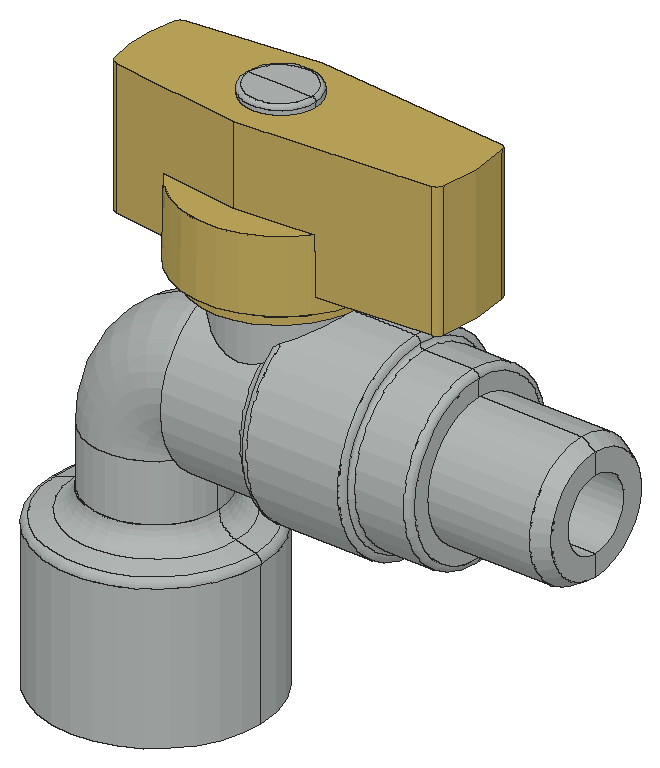
Revit family "QP20310000", category Apparecchi idraulici, Revit 2020
Family settings
  Quota connettore circolare = Usa diametro
  Tipo di parte = Normale
  Numero OmniClass = 23.45.00.00
  Titolo OmniClass = Sanitary, Laundry, and Cleaning Equipment
  Basato su piano di lavoro = No
  Sempre verticale = Sì
  Taglio con vuoti quando caricato = No
  Condiviso = No
  Punto di calcolo locali = No
Parameters
  URL = "https://web.cimberio.com/index.php/figura/121?subcategoria_id="
  Temperatura di esercizio = "-20 ÷ 60°C"
  Prospetto di default = 0 mm
  Produttore = "CIMBERIO SPA"
  Pressione nominale = "MOP 5"
  Modello = "Cim 153"
  Materiale = "Prodotto in lega di ottone conforme alla norma EN 12165-CW617N-DW"
  Descrizione = "Utilizzato nell’impiantistica distributiva di gas a bassa pressione per le categorie:\r\nGas naturali: gas derivati dal petrolio (Metano) e gas di ricambio.\r\nGas di città: prodotti secondo i diversi procedimenti (Cracking - Cokerie - ecc.).\r\nGas liquidi: propano e miscele di gas propano/butano"
  DN Model [instance] = QP20312102 : QP20312102
  DN [instance] = 9 mm
  Commenti sul tipo = "Realizzato in ottemperanza ai requisiti gestionali della norma EN ISO 9001.\r\nCollaudato al 100% secondo la normativa EN 12266-1"
Reference planes
  plane 1 "Centro (Fronte/Retro)": y = 0
  plane 2: z = 0
  plane 3 "Centro (Sinistra/Destra)": x = 0
Dimensions and locks
  aligned and locked: level to plane 2
Nested families
  nested 1: "QP20312102" at (0, 0, 0), type <- "DN Model", type "QP20312102"
  nested 2: "QP20312102" at (0, 0, 0), type <- "DN Model", type "QP20312102"
  nested 3: "QP20312102" at (0, 0, 0), type <- "DN Model", type "QP20312102"
  nested 4: "QP20312102" at (0, 0, 0), type <- "DN Model", type "QP20312102"
  nested 5: "QP20312102" at (0, 0, 0), type <- "DN Model", type "QP20312102"
  nested 6: "QP20312102" at (0, 0, 0), type <- "DN Model", type "QP20312102"
  nested 7: "QP20312102" at (0, 0, 0), type <- "DN Model", type "QP20312102"
  nested 8: "QP20312102" at (0, 0, 0), type <- "DN Model", type "QP20312102"
  nested 9: "QP20312102" at (0, 0, 0), type <- "DN Model", type "QP20312102"
  nested 10: "QP20312102" at (0, 0, 0), type <- "DN Model", type "QP20312102"
  nested 11: "QP20312102" at (0, 0, 0), type <- "DN Model", type "QP20312102"
Connectors
  piping at (40.291, 0, 0), diameter 9, driven by "DN"
    settings: on nested 1, index 1, connector inside diameter 609.6 mm, connector length 0 mm, flow factor 0, pipe flow 0.0 L/s, pressure drop 0.0 Pa, fitting loss kfactor 0, connector angle 0.00°, fixture units 0, engagement length 0 mm, angle of deflection 0.00°, flow configuration 0, flow direction 0, fitting loss method 0, system type 7, joint type 0, gender type 0, connector reference index -1, connector utility 0, adjustable connector no, is connector primary yes, connector description ""
  piping at (-16, 0, -38.997), diameter 9, driven by "DN"
    settings: on nested 1, index 2, connector inside diameter 609.6 mm, connector length 0 mm, flow factor 0, pipe flow 0.0 L/s, pressure drop 0.0 Pa, fitting loss kfactor 0, connector angle 0.00°, fixture units 0, engagement length 0 mm, angle of deflection 0.00°, flow configuration 0, flow direction 0, fitting loss method 0, system type 7, joint type 0, gender type 0, connector reference index -1, connector utility 0, adjustable connector no, is connector primary no, connector description ""
Definition of nested family "QP20312102"
  Parameters (values of type "QP20312102")
    URL = ""
    Default Elevation = 0 mm
    Manufacturer = ""
    Model = ""
    Description = ""
    Type Comments = ""
  Reference planes
    plane 1 "Centro (Fronte/Retro)": y = 0
    plane 2: z = 0
    plane 3 "Centro (Sinistra/Destra)": x = 0
  Forms (mm)
    Revolve 1, solid
      sketch origin (0.744, 0, 1.406) x (1, 0, 0) y (0, 0, 1)
        loop
          line (11.146, 13.716) -> (10.988, 22.789) -> (-0.448, 22.789) -> (-0.448, 11.85) -> (9.552, 11.85) -> (9.552, 12.795) -> (11.146, 13.716)
        axis (-0.754, 11.85) -> (-0.754, 22.789)
      angle from 0 to 360
    Revolve 2, solid
      sketch origin (0.751, 0, 1.446) x (1, 0, 0) y (0, 0, 1)
        loop
          arc (3.746, 33.15) -> (3.6, 33.504) -> (3.246, 33.65) r 0.5
          line (3.246, 33.65) -> (-0.754, 33.65) -> (-0.754, 31.443) -> (3.746, 31.443) -> (3.746, 33.15)
        axis (-0.754, 33.65) -> (-0.754, 31.443)
      angle from 0 to 360
    Extrusion 3, solid
      sketch origin (1.758, 0, 1.45) x (1, 0, 0) y (0, 1, 0)
        loop
          arc (-19.114, 4.772) -> (-19.758, -0.042) -> (-19.091, -4.852) r 18
          arc (-19.091, -4.852) -> (-18.778, -5.343) -> (-18.244, -5.576) r 1
          line (-18.244, -5.576) -> (-1.755, -7.5) -> (21.908, -5.5)
          arc (21.908, -5.5) -> (22.493, -5.247) -> (22.806, -4.691) r 1
          arc (22.806, -4.691) -> (23.25, 0) -> (22.806, 4.691) r 25
          arc (22.806, 4.691) -> (22.489, 5.25) -> (21.897, 5.501) r 1
          line (21.897, 5.501) -> (-2.38, 7.425) -> (-18.27, 5.5)
          arc (-18.27, 5.5) -> (-18.802, 5.265) -> (-19.114, 4.772) r 1
      from 15.62 to 32.65
    Revolve 4, solid
      sketch origin (1.758, 0, 0) x (1, 0, 0) y (0, 0, 1)
        loop
          line (-0.754, 4.83) -> (7.416, 4.83) -> (7.416, 16.081) -> (-0.754, 16.081) -> (-0.754, 4.83)
        axis (-0.754, 16.081) -> (-0.754, 4.83)
      angle from 0 to 360
    Revolve 5, solid
      sketch origin (0, 0, 0) x (1, 0, 0) y (0, 0, 1)
        loop
          line (18.3, -11.083) -> (24.521, -11.083)
          arc (24.521, -11.083) -> (25.088, -10.848) -> (25.323, -10.281) r 0.802
          line (25.323, -10.281) -> (25.323, -4.5) -> (-6.523, -4.5) -> (-6.523, -10.983) -> (3.557, -10.983)
          arc (3.557, -10.983) -> (4.268, -11.328) -> (4.711, -11.983) r 1.528
          arc (4.711, -11.983) -> (5.077, -12.349) -> (5.577, -12.483) r 1
          line (5.577, -12.483) -> (17.3, -12.483)
          arc (17.3, -12.483) -> (17.636, -12.081) -> (17.8, -11.583) r 1.391
          arc (17.8, -11.583) -> (17.946, -11.229) -> (18.3, -11.083) r 0.5
        axis (-6.523, 0) -> (25.323, 0)
      angle from 0 to 360
    Revolve 6, solid
      sketch origin (0, 0, 0) x (1, 0, 0) y (0, 0, 1)
        loop
          line (-20.5, -16.475) -> (-24.073, -16.475)
          arc (-24.073, -16.475) -> (-24.758, -18.156) -> (-26.287, -19.134) r 3
          line (-26.287, -19.134) -> (-28.768, -19.799)
          arc (-28.768, -19.799) -> (-29.302, -20.156) -> (-29.509, -20.765) r 1
          line (-29.509, -20.765) -> (-29.509, -38.997) -> (-20.5, -38.997) -> (-20.5, -16.475)
        axis (-16, -16.475) -> (-16, -38.997)
      angle from 0 to 360
    Sweep 7, solid
      path origin (0, 0, 0) x (1, 0, 0) y (0, 0, 1)
        loop
          arc (-6.523, 0) -> (-13.208, -2.611) -> (-16, -9.222) r 9.226
          line (-16, -9.222) -> (-16, -16.475)
      profile origin (-16, 0, -12.849) x (0, -1, 0) y (1, 0, 0)
        loop
          circle (0, 0) r 8
        loop
          circle (0, 0) r 4.5
    Revolve 8, solid
      sketch origin (0, 0, 0) x (1, 0, 0) y (0, 0, 1)
        loop
          line (25.291, 8.247) -> (25.291, 4.5) -> (40.291, 4.5) -> (40.291, 7.151) -> (38.434, 8.247) -> (25.291, 8.247)
        axis (40.291, 0) -> (25.291, 0)
      angle from 0 to 360
  Dimensions and locks
    aligned and locked: level to plane 2
